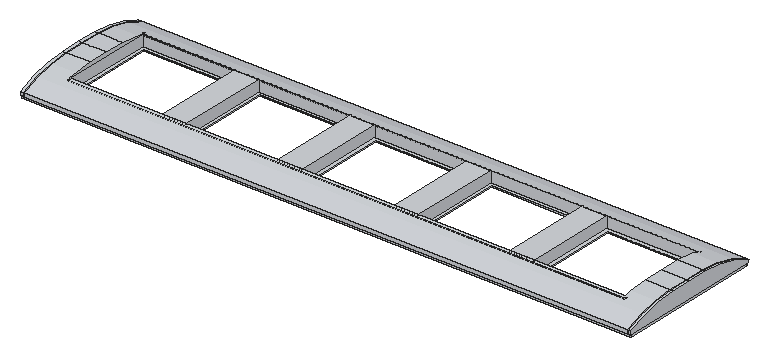
Revit family "Gira_021581", category Electrical Fixtures, host Face, Revit 2017
Family settings
  Host = Face
  Maintain Annotation Orientation = No
  Round Connector Dimension = Use Diameter
  Part Type = Normal
  Cut with Voids When Loaded = No
  Shared = No
  Room Calculation Point = No
Parameters (values of type "Cov.fr. 5-g interm.fr. CAl Gira Event anthra.")
  With mounting grid = "No"
  With hinged lid = "No"
  URL = "http://katalog.gira.de/en/datenblatt.html?artikelnr=021581"
  Type of fastening = "Clamp mounting"
  Transparent = "No"
  Surface protection = "Other"
  Suitable for wall duct = "No"
  Suitable for flush-mounted installation = "Yes"
  Suitable for floor box = "No"
  Suitable for built-in installation = "No"
  Number of units vertical = "5"
  Number of units horizontal = "5"
  Number of units = "5"
  Name = "Cov.fr. 5-g interm.fr. CAl Gira Event anthra."
  Mounting direction = "Horizontal and vertical"
  Material quality = "Thermoplastic"
  Material = "Plastic"
  Manufacturer URL = "https://www.gira.de/"
  Manufacturer = "Gira"
  Label space/information surface = "No"
  Keynote = ""
  HeinzeBIM = "https://bimportal.heinze.de/bim/cov-fr-5-g-interm-fr-cal-gira-event-anthra-/98387d54caf5f600a336a1878c4a6bb3a041b636"
  Halogen free = "Yes"
  HAN = "021581"
  GTIN = "4010337215813"
  Description = "Cov.fr.5g i.fr.CAl Event AN,Gira Event frames,anthracite with colour aluminium intermediate frame,5-gang,Features:,- Shatter-proof."
  Degree of protection (IP) = "IP20"
  Default Elevation = 1219.2 mm
  Data sheet (1) = "https://katalog.gira.de/en/download.html?artikelnr=021581"
  Colour = "Anthracite"
  Category = "Cover frame for domestic switching devices"
  BIM (1) = "https://media.stage.bim.site/public/gira/36a6b08/Event_Rahmen_5fach.rfa"
  Available = "No"
Reference planes
  plane 1 "Center (Front/Back)": y = 0
  plane 2: z = 0
  plane 3 "Center (Left/Right)": x = 0
Forms (mm)
  Extrusion 1, solid, detail levels fine
    sketch origin (0, 0, 0.05) x (0, 1, 0) y (0, 0, 1)
      loop
        arc (12.445, 9.683) -> (6.223, 9.833) -> (0, 9.85) r 291.636
        arc (0, 9.85) -> (-6.223, 9.833) -> (-12.445, 9.683) r 291.636
        arc (-12.445, 9.683) -> (-29.14, 7.482) -> (-45, 1.823) r 79.728
        line (-45, 1.823) -> (-45, -0.05) -> (-42.086, -0.05)
        arc (-42.086, -0.05) -> (-21.385, 5.559) -> (0, 7.206) r 114.424
        arc (0, 7.206) -> (21.385, 5.559) -> (42.086, -0.05) r 114.424
        line (42.086, -0.05) -> (45, -0.05) -> (45, 1.823)
        arc (45, 1.823) -> (29.14, 7.482) -> (12.445, 9.683) r 79.728
    from -185.578 to 185.593
  Extrusion 2, void, detail levels fine
    sketch origin (0, 0, 0) x (1, 0, 0) y (0, 1, 0)
      loop
        line (170.607, 28) -> (-170.593, 28) -> (-170.593, -28) -> (170.607, -28) -> (170.607, 28)
    from 0.724 to 11
  Extrusion 3, solid, detail levels coarse
    sketch origin (0, 0, 0) x (1, 0, 0) y (0, 1, 0)
      loop
        line (-187.578, 45) -> (-187.578, -45) -> (187.593, -45) -> (187.593, 45) -> (-187.578, 45)
    from -1.5 to 9.9
  Extrusion 4, solid, detail levels medium
    sketch origin (0, 0, 0.05) x (0, 1, 0) y (0, 0, 1)
      loop
        arc (12.445, 9.683) -> (6.223, 9.833) -> (0, 9.85) r 291.636
        arc (0, 9.85) -> (-6.223, 9.833) -> (-12.445, 9.683) r 291.636
        arc (-12.445, 9.683) -> (-29.14, 7.482) -> (-45, 1.823) r 79.728
        line (-45, 1.823) -> (-45, -0.05) -> (45, -0.05) -> (45, 1.823)
        arc (45, 1.823) -> (29.14, 7.482) -> (12.445, 9.683) r 79.728
    from -187.578 to 187.593
  Extrusion 5, solid, detail levels fine
    sketch origin (-142.578, 0, -1.5) x (0, 1, 0) y (0, 0, -1)
      loop
        line (45, -3.373) -> (45, -1.5) -> (-45, -1.5) -> (-45, -3.373)
        arc (-45, -3.373) -> (-29.14, -9.032) -> (-12.445, -11.233) r 79.728
        arc (-12.445, -11.233) -> (-6.223, -11.383) -> (0, -11.4) r 291.636
        arc (0, -11.4) -> (6.223, -11.383) -> (12.445, -11.233) r 291.636
        arc (12.445, -11.233) -> (29.14, -9.032) -> (45, -3.373) r 79.728
    from 43 to 45
  Extrusion 6, solid, detail levels fine
    sketch origin (0, 0, 0) x (1, 0, 0) y (0, 1, 0)
      loop
        line (-168.493, 25.7) -> (-168.493, -25.7) -> (-116.693, -25.7) -> (-116.693, 25.7) -> (-168.493, 25.7)
      loop
        line (-45.398, -25.7) -> (-45.398, 25.7) -> (-97.198, 25.7) -> (-97.198, -25.7) -> (-45.398, -25.7)
      loop
        line (-171.487, 28.49) -> (-171.487, -28.495)
        spline (-171.487, -28.495) -> (-171.479, -28.625) -> (-171.453, -28.754) -> (-171.411, -28.878) -> (-171.353, -28.995) -> (-171.281, -29.104) -> (-171.194, -29.202) -> (-171.096, -29.288) -> (-170.987, -29.361) -> (-170.87, -29.419) -> (-170.746, -29.461) -> (-170.618, -29.486) -> (-170.487, -29.495)
        line (-170.487, -29.495) -> (170.502, -29.495)
        spline (170.502, -29.495) -> (170.633, -29.486) -> (170.761, -29.461) -> (170.885, -29.419) -> (171.002, -29.361) -> (171.111, -29.288) -> (171.209, -29.202) -> (171.296, -29.104) -> (171.368, -28.995) -> (171.426, -28.878) -> (171.468, -28.754) -> (171.494, -28.625) -> (171.502, -28.495)
        line (171.502, -28.495) -> (171.502, 28.49)
        spline (171.502, 28.49) -> (171.494, 28.62) -> (171.468, 28.748) -> (171.426, 28.872) -> (171.368, 28.99) -> (171.296, 29.098) -> (171.209, 29.197) -> (171.111, 29.283) -> (171.002, 29.356) -> (170.885, 29.413) -> (170.761, 29.456) -> (170.633, 29.481) -> (170.502, 29.49)
        line (170.502, 29.49) -> (-170.487, 29.49)
        spline (-170.487, 29.49) -> (-170.618, 29.481) -> (-170.746, 29.456) -> (-170.87, 29.413) -> (-170.987, 29.356) -> (-171.096, 29.283) -> (-171.194, 29.197) -> (-171.281, 29.098) -> (-171.353, 28.99) -> (-171.411, 28.872) -> (-171.453, 28.748) -> (-171.479, 28.62) -> (-171.487, 28.49)
      loop
        line (25.902, -25.7) -> (25.902, 25.7) -> (-25.898, 25.7) -> (-25.898, -25.7) -> (25.902, -25.7)
      loop
        line (97.207, -25.7) -> (97.207, 25.7) -> (45.407, 25.7) -> (45.407, -25.7) -> (97.207, -25.7)
      loop
        line (168.507, -25.7) -> (168.507, 25.7) -> (116.707, 25.7) -> (116.707, -25.7) -> (168.507, -25.7)
    from 0.1 to 7.3
  Extrusion 7, solid
    sketch origin (0, 0, 0) x (1, 0, 0) y (0, 1, 0)
      loop
        arc (-187.293, -44.218) -> (-187.146, -44.572) -> (-186.793, -44.718) r 0.5
        line (-186.793, -44.718) -> (186.807, -44.718)
        arc (186.807, -44.718) -> (187.161, -44.572) -> (187.307, -44.218) r 0.5
        line (187.307, -44.218) -> (187.307, 44.182)
        arc (187.307, 44.182) -> (187.161, 44.535) -> (186.807, 44.682) r 0.5
        line (186.807, 44.682) -> (-186.793, 44.682)
        arc (-186.793, 44.682) -> (-187.146, 44.535) -> (-187.293, 44.182) r 0.5
        line (-187.293, 44.182) -> (-187.293, -44.218)
      loop
        line (-185.593, 42.982) -> (-185.593, -43.018) -> (185.607, -43.018) -> (185.607, 42.982) -> (-185.593, 42.982)
    from -1.5 to 0.5
  Extrusion 8, solid, detail levels fine
    sketch origin (142.593, 0, -1.5) x (0, 1, 0) y (0, 0, 1)
      loop
        arc (45, 3.373) -> (29.14, 9.032) -> (12.445, 11.233) r 79.728
        arc (12.445, 11.233) -> (6.223, 11.383) -> (0, 11.4) r 291.636
        arc (0, 11.4) -> (-6.223, 11.383) -> (-12.445, 11.233) r 291.636
        arc (-12.445, 11.233) -> (-29.14, 9.032) -> (-45, 3.373) r 79.728
        line (-45, 3.373) -> (-45, 1.5) -> (45, 1.5) -> (45, 3.373)
    from 43 to 45
  Extrusion 9, solid, detail levels medium
    sketch origin (0, 0, 0) x (1, 0, 0) y (0, 1, 0)
      loop
        line (-187.293, -44.718) -> (187.307, -44.718) -> (187.307, 44.682) -> (-187.293, 44.682) -> (-187.293, -44.718)
    from -1.5 to 0.5
  Extrusion 10, solid, detail levels fine
    sketch origin (-105.5, 0, 0) x (1, 0, 0) y (0, 1, 0)
      loop
        line (-8.943, 28.063) -> (-8.943, -27.937) -> (6.057, -27.937) -> (6.057, 28.063) -> (-8.943, 28.063)
    from 0.724 to 7.566
  Extrusion 11, solid, detail levels fine
    sketch origin (-37.085, 0, 0) x (-1, 0, 0) y (0, -1, 0)
      loop
        line (-8.943, -28.063) -> (6.057, -28.063) -> (6.057, 27.937) -> (-8.943, 27.937) -> (-8.943, -28.063)
    from 0.724 to 7.566
  Extrusion 12, solid, detail levels fine
    sketch origin (105.5, 0, 0) x (-1, 0, 0) y (0, -1, 0)
      loop
        line (-8.943, -28.063) -> (6.057, -28.063) -> (6.057, 27.937) -> (-8.943, 27.937) -> (-8.943, -28.063)
    from 0.724 to 7.566
  Extrusion 13, solid, detail levels fine
    sketch origin (37.085, 0, 0) x (1, 0, 0) y (0, 1, 0)
      loop
        line (-8.943, 28.063) -> (-8.943, -27.937) -> (6.057, -27.937) -> (6.057, 28.063) -> (-8.943, 28.063)
    from 0.724 to 7.566
Cuts and joins
  Extrusion 2 cuts Extrusion 1
  Extrusion 2 cuts Extrusion 6
Dimensions and locks
  aligned and locked: plane 2 to host face
  aligned and locked: level to host face
